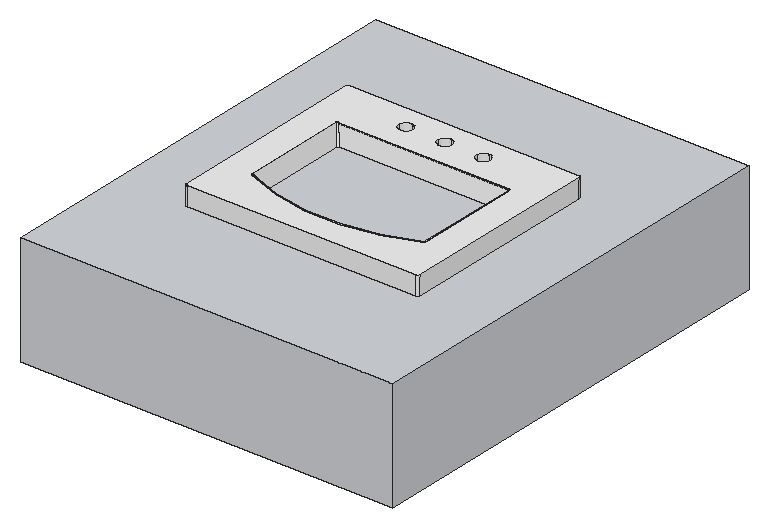
Revit family
Parameters (values of type "Vitreous_China-White-0")
  Width = 2' - 1 1/4"
  Waste Connection = yes
  WFU = 0
  URL = "http://www.us.kohler.com"
  Sanitary Radius = 1 1/4"
  Sanitary Diameter = Sanitary Radius * 2  # 2 1/2"
  Product Page URL = "http://www.us.kohler.com/onlinecatalog/detail.jsp?prod_num=2956-8"
  Product Documentation Link = "http://www.us.kohler.com/onlinecatalog/pdf/1139967_4.pdf"
  Model = "K-2956-8"  # constant formula
  Manufacturer = "Kohler"  # constant formula
  Length = 1' - 10"
  Height = 0' - 6 3/16"
  Finish = Vitreous_China-Kohler-0-White
  Faucet Drilling = "8inch Centers"  # constant formula
  Drilling Offset = 0' - 8 13/32"
  Description = "Persuade(R) Curv lavatory with 8inch centers"  # constant formula
  Default Elevation = 0' - 0"
  Sanitary Connector = "Sanitary Connection"  # constant formula
  Created By = "\"http://medialab3dstudio.com/\""
  Assembly Code = "D2010400"
  Actual Valve Water Flow = 0 GPM
  ADA Compliant = no
Types (7): name | Finish | Drilling Offset
  (no name) | Vitreous_China-Kohler-0-White | 0' - 8 13/32"
  Vitreous_China-White-0 | Vitreous_China-Kohler-0-White | 0' - 8 13/32"
  Vitreous_China-Ice_Grey-95 | Vitreous_China-Kohler-95-Ice_Grey | 0' - 8.41829"
  Vitreous_China-Honed_White-HW | Vitreous_China-Kohler-HW-Honed_White | 0' - 8.41829"
  Vitreous_Chinar-Black_Black-7 | Vitreous_China-Kohler-7-Black_Black | 0' - 8.41829"
  Vitreous_China-Biscuit-96 | Vitreous_China-Kohler-96-Biscuit | 0' - 8.41829"
  Vitreous_China-Almond-47 | Vitreous_China-Kohler-47-Almond | 0' - 8"
Reference planes (in)
  plane 1 "Center (Front/Back)": y = 0
  plane 2: z = 0
  plane 3 "Center (Left/Right)": x = 0
  plane 4 "Left": x = -12.625
  plane 5 "Right": x = 12.625
  plane 6 "Back": y = 11
  plane 7 "Front": y = -11
  plane 8 "Top": z = 2
  plane 9: x = 9.61066
  plane 10: x = -9.61538
  plane 11: y = -0.23817
  plane 12: y = 8.37256
  plane 13: x = -4.20312
  plane 14: x = 4.20313
  plane 15: x = -2.74178
  plane 16: x = 2.67651
  plane 17 "Bottom": z = -4.1875
  plane 18: x = -1.51638
  plane 19: y = 4.59908
  plane 20: x = 8.25376
  plane 21: y = 4.34908
  plane 22: x = 8.50376
  plane 23: y = -2.90763
  plane 24: x = 8.37451
  plane 25: y = -3.12653
  plane 26: x = -8.37443
  plane 27: x = -8.50368
  plane 28: x = -8.25368
  plane 29: x = -1.11994
Forms (in)
  Extrusion 1, solid
    sketch origin (0, 0, 0) x (1, 0, 0) y (0, 1, 0)
      loop
        line (-20, 24) -> (-20, -24.02181) -> (20.31285, -24.02181) -> (20.31285, 24) -> (-20, 24)
    from 0 to -12
  Extrusion 2, solid, material "Vitreous_China-Kohler-0-White" <- "Finish"
    sketch origin (0, 0, 0) x (1, 0, 0) y (0, 1, 0)
      loop
        arc (-12.35692, 11) -> (-12.54648, 10.92148) -> (-12.625, 10.73192) r 0.26808
        line (-12.625, 10.73192) -> (-12.625, -10.73047)
        arc (-12.625, -10.73047) -> (-12.54606, -10.92106) -> (-12.35547, -11) r 0.26953
        line (-12.35547, -11) -> (12.35547, -11)
        arc (12.35547, -11) -> (12.54606, -10.92106) -> (12.625, -10.73047) r 0.26953
        line (12.625, -10.73047) -> (12.625, 10.73047)
        arc (12.625, 10.73047) -> (12.54606, 10.92106) -> (12.35547, 11) r 0.26953
        line (12.35547, 11) -> (-12.35692, 11)
      loop
        line (9.23028, 5.47043) -> (-9.22962, 5.47043)
        arc (-9.22962, 5.47043) -> (-9.3351, 5.42674) -> (-9.37879, 5.32126) r 0.14917
        line (-9.37879, 5.32126) -> (-9.37879, -5.89905)
        arc (-9.37879, -5.89905) -> (-9.34513, -6.01585) -> (-9.25446, -6.09682) r 0.21946
        arc (-9.25446, -6.09682) -> (0.00016, -8.20684) -> (9.25478, -6.09681) r 21.35051
        arc (9.25478, -6.09681) -> (9.34516, -6.0161) -> (9.37872, -5.89968) r 0.21875
        line (9.37872, -5.89968) -> (9.37872, 5.32199)
        arc (9.37872, 5.32199) -> (9.33524, 5.42695) -> (9.23028, 5.47043) r 0.14844
    from 0 to 2
  Sweep 3, solid, material "Vitreous_China-Kohler-0-White" <- "Finish"
    path origin (0, 0, 0) x (1, 0, 0) y (0, 1, 0)
      loop
        line (-8.50368, 4.34908) -> (-8.50368, -2.90771)
        arc (-8.50368, -2.90771) -> (-8.46896, -3.03482) -> (-8.37443, -3.12662) r 0.25
        arc (-8.37443, -3.12662) -> (0.00005, -5.28308) -> (8.37451, -3.12653) r 17.33876
        arc (8.37451, -3.12653) -> (8.46903, -3.03473) -> (8.50376, -2.90763) r 0.25
        line (8.50376, -2.90763) -> (8.50376, 4.34908)
        arc (8.50376, 4.34908) -> (8.43053, 4.52586) -> (8.25376, 4.59908) r 0.25
        line (8.25376, 4.59908) -> (-8.25368, 4.59908)
        arc (-8.25368, 4.59908) -> (-8.43046, 4.52586) -> (-8.50368, 4.34908) r 0.25
    profile origin (-8.50368, 0.72069, 0) x (1, 0, 0) y (0, 0, 1)
      loop
        arc (0, -2.39423) -> (0.04417, -2.53613) -> (0.16108, -2.62788) r 0.25
        line (0.16108, -2.62788) -> (0.17219, -2.59868)
        arc (0.17219, -2.59868) -> (0.0699, -2.51839) -> (0.03125, -2.39423) r 0.21875
        line (0.03125, -2.39423) -> (0, -2.39423)
  Extrusion 4, solid, material "Vitreous_China-Kohler-0-White" <- "Finish"
    sketch origin (0, 0, 0) x (1, 0, 0) y (0, 1, 0)
      loop
        arc (-8.25368, 4.438) -> (-8.31656, 4.41196) -> (-8.3426, 4.34908) r 0.08892
        line (-8.3426, 4.34908) -> (-8.3426, -2.90771)
        arc (-8.3426, -2.90771) -> (-8.33025, -2.95292) -> (-8.29663, -2.98557) r 0.08892
        arc (-8.29663, -2.98557) -> (0.00005, -5.122) -> (8.29671, -2.98549) r 17.17769
        arc (8.29671, -2.98549) -> (8.33033, -2.95284) -> (8.34268, -2.90763) r 0.08892
        line (8.34268, -2.90763) -> (8.34268, 4.34908)
        arc (8.34268, 4.34908) -> (8.31664, 4.41196) -> (8.25376, 4.438) r 0.08892
        line (8.25376, 4.438) -> (-8.25368, 4.438)
    from -2.62788 to -2.59868
  Blend 5, solid, material "Vitreous_China-Kohler-0-White" <- "Finish"
    base sketch origin (0, 0, 0) x (1, 0, 0) y (0, 1, 0)
      loop
        line (8.25376, 4.59908) -> (-8.25368, 4.59908)
        arc (-8.25368, 4.59908) -> (-8.43046, 4.52586) -> (-8.50368, 4.34908) r 0.25
        line (-8.50368, 4.34908) -> (-8.50368, -2.90771)
        arc (-8.50368, -2.90771) -> (-8.46896, -3.03482) -> (-8.37443, -3.12662) r 0.25
        arc (-8.37443, -3.12662) -> (0.00005, -5.28308) -> (8.37451, -3.12653) r 17.33876
        arc (8.37451, -3.12653) -> (8.46903, -3.03473) -> (8.50376, -2.90763) r 0.25
        line (8.50376, -2.90763) -> (8.50376, 4.34908)
        arc (8.50376, 4.34908) -> (8.43053, 4.52586) -> (8.25376, 4.59908) r 0.25
    top sketch origin (0, 0, 0) x (1, 0, 0) y (0, 1, 0)
      loop
        arc (-9.22962, 5.47043) -> (-9.3351, 5.42674) -> (-9.37879, 5.32126) r 0.14917
        line (-9.37879, 5.32126) -> (-9.37879, -5.89905)
        arc (-9.37879, -5.89905) -> (-9.34513, -6.01585) -> (-9.25446, -6.09682) r 0.21946
        arc (-9.25446, -6.09682) -> (0.00016, -8.20684) -> (9.25478, -6.09681) r 21.35051
        arc (9.25478, -6.09681) -> (9.34516, -6.0161) -> (9.37872, -5.89968) r 0.21875
        line (9.37872, -5.89968) -> (9.37872, 5.32199)
        arc (9.37872, 5.32199) -> (9.33524, 5.42695) -> (9.23028, 5.47043) r 0.14844
        line (9.23028, 5.47043) -> (-9.22962, 5.47043)
    from -2.39423 to 2
  Blend 6, void
    base sketch origin (0, 0, 0) x (1, 0, 0) y (0, 1, 0)
      loop
        arc (-8.25368, 4.56783) -> (-8.40836, 4.50376) -> (-8.47243, 4.34908) r 0.21875
        line (-8.47243, 4.34908) -> (-8.47243, -2.90771)
        arc (-8.47243, -2.90771) -> (-8.44205, -3.01893) -> (-8.35933, -3.09925) r 0.21875
        arc (-8.35933, -3.09925) -> (0.00005, -5.25183) -> (8.35941, -3.09917) r 17.30751
        arc (8.35941, -3.09917) -> (8.44212, -3.01884) -> (8.47251, -2.90763) r 0.21875
        line (8.47251, -2.90763) -> (8.47251, 4.34908)
        arc (8.47251, 4.34908) -> (8.40844, 4.50376) -> (8.25376, 4.56783) r 0.21875
        line (8.25376, 4.56783) -> (-8.25368, 4.56783)
    top sketch origin (0, 0, 0) x (1, 0, 0) y (0, 1, 0)
      loop
        line (9.23028, 5.43918) -> (-9.22962, 5.43918)
        arc (-9.22962, 5.43918) -> (-9.313, 5.40464) -> (-9.34754, 5.32126) r 0.11792
        line (-9.34754, 5.32126) -> (-9.34754, -5.89905)
        arc (-9.34754, -5.89905) -> (-9.31867, -5.99922) -> (-9.24091, -6.06866) r 0.18821
        arc (-9.24091, -6.06866) -> (0.00016, -8.17559) -> (9.24124, -6.06865) r 21.31926
        arc (9.24124, -6.06865) -> (9.3187, -5.99947) -> (9.34747, -5.89968) r 0.1875
        line (9.34747, -5.89968) -> (9.34747, 5.32199)
        arc (9.34747, 5.32199) -> (9.31314, 5.40486) -> (9.23028, 5.43918) r 0.11719
    from -2.39423 to 2
  Sweep 7, solid, material "Vitreous_China-Kohler-0-White" <- "Finish"
    path origin (0, 0, 0) x (1, 0, 0) y (0, 1, 0)
      loop
        circle (0, -0.23817) r 1.44328
    profile origin (0, 1.20511, 0) x (0, -1, 0) y (0, 0, 1)
      loop
        line (0, -2.59868) -> (-0.0731, -2.59868) -> (-0.0731, -4.19038) -> (0.32333, -4.19038) -> (0.32333, -3.00393)
        arc (0.32333, -3.00393) -> (0.23, -2.96527) -> (0.19134, -2.87194) r 0.13199
        arc (0.19134, -2.87194) -> (0.12775, -2.71285) -> (0, -2.59868) r 0.37483
  Extrusion 8, void
    sketch origin (0, 0, 0) x (1, 0, 0) y (0, 1, 0)
      loop
        circle (0, -0.23817) r 1.51638
    from -2.62788 to -2.59868
  Extrusion 9, void
    sketch origin (0, 0, 0) x (1, 0, 0) y (0, 1, 0)
      loop
        arc (-4.95312, 8.37256) -> (-4.73346, 7.84223) -> (-4.20312, 7.62256) r 0.75
        arc (-4.20312, 7.62256) -> (-3.67279, 7.84223) -> (-3.45312, 8.37256) r 0.75
        arc (-3.45312, 8.37256) -> (-3.67279, 8.90289) -> (-4.20312, 9.12256) r 0.75
        arc (-4.20312, 9.12256) -> (-4.73346, 8.90289) -> (-4.95312, 8.37256) r 0.75
      loop
        arc (-0.75, 8.37256) -> (-0.53033, 7.84223) -> (0, 7.62256) r 0.75
        arc (0, 7.62256) -> (0.53033, 7.84223) -> (0.75, 8.37256) r 0.75
        arc (0.75, 8.37256) -> (0.53033, 8.90289) -> (0, 9.12256) r 0.75
        arc (0, 9.12256) -> (-0.53033, 8.90289) -> (-0.75, 8.37256) r 0.75
      loop
        arc (3.45313, 8.37256) -> (3.67279, 7.84223) -> (4.20313, 7.62256) r 0.75
        arc (4.20313, 7.62256) -> (4.73346, 7.84223) -> (4.95313, 8.37256) r 0.75
        arc (4.95313, 8.37256) -> (4.73346, 8.90289) -> (4.20313, 9.12256) r 0.75
        arc (4.20313, 9.12256) -> (3.67279, 8.90289) -> (3.45313, 8.37256) r 0.75
    from 0 to 2
  Extrusion 10, void
    sketch origin (0, 0, 0) x (1, 0, 0) y (0, 1, 0)
      loop
        circle (0, -0.23817) r 1.51638
    from -4.19038 to -2.59868
  Sweep 11, solid, material "Vitreous_China-Kohler-0-White" <- "Finish"
    path origin (0, 0, 0) x (0, 1, 0) y (0, 0, 1)
      loop
        line (-0.23817, -2.62788) -> (4.438, -2.62788)
        arc (4.438, -2.62788) -> (4.5548, -2.53605) -> (4.59908, -2.39423) r 0.2506
        line (4.59908, -2.39423) -> (5.23389, 0.86872)
    profile origin (0, 2.09992, -2.62788) x (0, 0, 1) y (1, 0, 0)
      loop
        arc (0, 1.40405) -> (-0.20629, 1.1276) -> (-0.48274, 0.92131) r 1.19916
        arc (-0.48274, 0.92131) -> (-0.81734, 0.51155) -> (-0.95217, 0) r 1.24825
        arc (-0.95217, 0) -> (-0.81734, -0.51155) -> (-0.48274, -0.92131) r 1.24825
        arc (-0.48274, -0.92131) -> (-0.20629, -1.1276) -> (0, -1.40405) r 1.19916
        line (0, -1.40405) -> (0, 1.40405)
Cuts and joins
  Blend 6 cuts Blend 5
  Extrusion 9 cuts Extrusion 2
  Extrusion 8 cuts Extrusion 4
  joined: Extrusion 4, Sweep 7
  Extrusion 10 cuts Sweep 11
Lines and regions (in)
  Masking region 1, detail levels coarse
    outline origin (0, 0, 0) x (1, 0, 0) y (0, 1, 0)
      loop
        line (-12.625, 11) -> (-12.625, -11) -> (12.625, -11) -> (12.625, 11) -> (-12.625, 11)
  Masking region 2, detail levels medium+fine
    outline origin (0, 0, 0) x (1, 0, 0) y (0, 1, 0)
      loop
        line (12.35547, 11) -> (-12.35692, 11)
        arc (-12.35692, 11) -> (-12.54648, 10.92148) -> (-12.625, 10.73192) r 0.26808
        line (-12.625, 10.73192) -> (-12.625, -10.73047)
        arc (-12.625, -10.73047) -> (-12.54606, -10.92106) -> (-12.35547, -11) r 0.26953
        line (-12.35547, -11) -> (12.35547, -11)
        arc (12.35547, -11) -> (12.54606, -10.92106) -> (12.625, -10.73047) r 0.26953
        line (12.625, -10.73047) -> (12.625, 10.73047)
        arc (12.625, 10.73047) -> (12.54606, 10.92106) -> (12.35547, 11) r 0.26953
      loop
        arc (-9.22962, 5.43918) -> (-9.313, 5.40464) -> (-9.34754, 5.32126) r 0.11792
        line (-9.34754, 5.32126) -> (-9.34754, -5.89905)
        arc (-9.34754, -5.89905) -> (-9.31867, -5.99922) -> (-9.24091, -6.06866) r 0.18821
        arc (-9.24091, -6.06866) -> (0.00016, -8.17559) -> (9.24124, -6.06865) r 21.31926
        arc (9.24124, -6.06865) -> (9.3187, -5.99947) -> (9.34747, -5.89968) r 0.1875
        line (9.34747, -5.89968) -> (9.34747, 5.32199)
        arc (9.34747, 5.32199) -> (9.31314, 5.40486) -> (9.23028, 5.43918) r 0.11719
        line (9.23028, 5.43918) -> (-9.22962, 5.43918)
      loop
        line (-8.50368, 4.34908) -> (-8.50368, -2.90771)
        arc (-8.50368, -2.90771) -> (-8.46896, -3.03482) -> (-8.37443, -3.12662) r 0.25
        arc (-8.37443, -3.12662) -> (0.00005, -5.28308) -> (8.37451, -3.12653) r 17.33876
        arc (8.37451, -3.12653) -> (8.46903, -3.03473) -> (8.50376, -2.90763) r 0.25
        line (8.50376, -2.90763) -> (8.50376, 4.34908)
        arc (8.50376, 4.34908) -> (8.43053, 4.52586) -> (8.25376, 4.59908) r 0.25
        line (8.25376, 4.59908) -> (-8.25368, 4.59908)
        arc (-8.25368, 4.59908) -> (-8.43046, 4.52586) -> (-8.50368, 4.34908) r 0.25
      loop
        circle (0, -0.23817) r 1.51638
  Masking region 3, detail levels coarse
    outline origin (0, 0, 0) x (1, 0, 0) y (0, 0, 1)
      loop
        line (-12.625, 2) -> (-12.625, -4.1875) -> (12.625, -4.1875) -> (12.625, 2) -> (-12.625, 2)
  Masking region 4, detail levels medium+fine
    outline origin (0, 0, 0) x (1, 0, 0) y (0, 0, 1)
      loop
        line (12.625, 2) -> (-12.625, 2) -> (-12.625, 0) -> (-8.98454, 0) -> (-8.50368, -2.39135)
        arc (-8.50368, -2.39135) -> (-8.45899, -2.53289) -> (-8.3426, -2.625) r 0.253
        line (-8.3426, -2.625) -> (-1.51638, -2.625) -> (-1.51638, -4.1875) -> (1.51638, -4.1875) -> (1.51638, -2.625) -> (8.34268, -2.625)
        arc (8.34268, -2.625) -> (8.46147, -2.53455) -> (8.50376, -2.39135) r 0.23991
        line (8.50376, -2.39135) -> (8.97866, 0) -> (12.625, 0) -> (12.625, 2)
  Masking region 5, detail levels coarse
    outline origin (0, 0, 0) x (0, 1, 0) y (0, 0, 1)
      loop
        line (11, 2) -> (-11, 2) -> (-11, -4.1875) -> (11, -4.1875) -> (11, 2)
  Masking region 6, detail levels medium+fine
    outline origin (0, 0, 0) x (0, 1, 0) y (0, 0, 1)
      loop
        line (11, 0) -> (11, 2) -> (-11, 2) -> (-11, 0) -> (-6.87566, 0) -> (-5.28308, -2.39135)
        arc (-5.28308, -2.39135) -> (-5.24007, -2.53481) -> (-5.122, -2.62694) r 0.24665
        line (-5.122, -2.62694) -> (-1.75455, -2.62694) -> (-1.75455, -4.19038) -> (1.27821, -4.19038) -> (1.27821, -3.58005) -> (4.54724, -3.58005)
        arc (4.54724, -3.58005) -> (5.22443, -3.21806) -> (5.5446, -2.52013) r 1.20277
        line (5.5446, -2.52013) -> (6.03446, 0) -> (11, 0)
  symbolic lines, style "Masking Lines", detail levels fine
    curve 1: arc (-4.95312, 8.37256, 0) -> (-4.20312, 9.12256, 0) -> (-3.45312, 8.37256, 0) r 0.75
    curve 2: arc (-3.45312, 8.37256, 0) -> (-4.20312, 7.62256, 0) -> (-4.95312, 8.37256, 0) r 0.75
    curve 3: arc (-0.75, 8.37256, 0) -> (0, 9.12256, 0) -> (0.75, 8.37256, 0) r 0.75
    curve 4: arc (0.75, 8.37256, 0) -> (0, 7.62256, 0) -> (-0.75, 8.37256, 0) r 0.75
    curve 5: arc (3.45313, 8.37256, 0) -> (4.20313, 9.12256, 0) -> (4.95313, 8.37256, 0) r 0.75
    curve 6: arc (4.95313, 8.37256, 0) -> (4.20313, 7.62256, 0) -> (3.45313, 8.37256, 0) r 0.75
    curve 7: arc (1.11994, -0.23817, 0) -> (0, 0.88177, 0) -> (-1.11994, -0.23817, 0) r 1.11994
    curve 8: arc (-1.11994, -0.23817, 0) -> (0, -1.35812, 0) -> (1.11994, -0.23817, 0) r 1.11994
    curve 9: line (-8.98454, 0, 0) -> (8.97866, 0, 0)
    curve 10: line (-1.51638, -11, -2.625) -> (1.51638, -11, -2.625)
    curve 11: arc (-1.40405, 11, -2.62788) -> (-1.1276, 11, -2.83417) -> (-0.92131, 11, -3.11062) r 1.19916
    curve 12: arc (-0.92131, 11, -3.11062) -> (-0.51155, 11, -3.44522) -> (0, 11, -3.58005) r 1.24825
    curve 13: arc (0, 11, -3.58005) -> (0.51155, 11, -3.44522) -> (0.92131, 11, -3.11062) r 1.24825
    curve 14: arc (0.92131, 11, -3.11062) -> (1.1276, 11, -2.83417) -> (1.40405, 11, -2.62788) r 1.19916
    curve 15: line (1.40405, 11, -2.39423) -> (1.40405, 11, 0)
    curve 16: line (1.40405, 11, -2.39423) -> (1.40405, 11, -2.62788)
    curve 17: line (-1.40405, 11, 0) -> (-1.40405, 11, -2.39423)
    curve 18: line (-1.40405, 11, -2.39423) -> (-1.40405, 11, -2.62788)
    curve 19: line (0, 6.03446, 0) -> (0, -6.87566, 0)
    curve 20: line (0, 5.06447, 0) -> (0, 4.59908, -2.39423)
    curve 21: arc (0, 4.438, -2.62788) -> (0, 4.5548, -2.53605) -> (0, 4.59908, -2.39423) r 0.2506
    curve 22: line (0, -1.75455, -2.62788) -> (0, 4.438, -2.62788)
  symbolic lines, style "Masking Lines", not visible, detail levels fine
    curve 23: arc (-4.95312, 8.37256, 0) -> (-4.20312, 9.12256, 0) -> (-3.45312, 8.37256, 0) r 0.75
    curve 24: arc (-3.45312, 8.37256, 0) -> (-4.20312, 7.62256, 0) -> (-4.95312, 8.37256, 0) r 0.75
    curve 25: arc (-0.75, 8.37256, 0) -> (0, 9.12256, 0) -> (0.75, 8.37256, 0) r 0.75
    curve 26: arc (0.75, 8.37256, 0) -> (0, 7.62256, 0) -> (-0.75, 8.37256, 0) r 0.75
    curve 27: arc (3.45313, 8.37256, 0) -> (4.20313, 9.12256, 0) -> (4.95313, 8.37256, 0) r 0.75
    curve 28: arc (4.95313, 8.37256, 0) -> (4.20313, 7.62256, 0) -> (3.45313, 8.37256, 0) r 0.75
    curve 29: arc (1.11994, -0.23817, 0) -> (0, 0.88177, 0) -> (-1.11994, -0.23817, 0) r 1.11994
    curve 30: arc (-1.11994, -0.23817, 0) -> (0, -1.35812, 0) -> (1.11994, -0.23817, 0) r 1.11994
Dimensions and locks (in)
  "Width": plane 4 "Left" to plane 5 "Right"
  "Length": plane 6 "Back" to plane 7 "Front"
  "Height": plane 8 "Top" to plane 17 "Bottom"
  plane 10 to plane 3 "Center (Left/Right)" to plane 9 = 0' - 9.61538" locked, 0' - 9.61066" locked
  equal spacing: plane 13, plane 3 "Center (Left/Right)", plane 14
  plane 15 to plane 3 "Center (Left/Right)" to plane 16 = 0' - 2.74178" locked, 0' - 2.67651" locked
  plane 12 to plane 1 "Center (Front/Back)" to plane 11 to plane 7 "Front" = 0' - 8.37256" locked, 0' - 0.23817" locked, 0' - 10.76183" locked
  "Drilling Offset": plane 13 to plane 14
  locked: plane 18 to plane 3 "Center (Left/Right)" at 1.51638
  plane 27 to plane 26 to plane 28 to plane 3 "Center (Left/Right)" to plane 20 to plane 24 to plane 22 = 0' - 0.12925" locked, 0' - 0.12075" locked, 0' - 8.25368" locked, 0' - 8.25376" locked, 0' - 0.12075" locked, 0' - 0.12925" locked
  plane 19 to plane 21 to plane 11 to plane 23 to plane 25 = 0' - 0 1/4" locked, 0' - 4.58725" locked, 0' - 2.66945" locked, 0' - 0.21891" locked
  locked: plane 29 to plane 3 "Center (Left/Right)" at 1.11994
  aligned and locked: plane 2 to Extrusion 1
  aligned and locked: level to Extrusion 1
  aligned and locked: Extrusion 2 sketch curve to plane 6 "Back"
  aligned and locked: plane 5 "Right" to Extrusion 2 sketch curve
  aligned and locked: plane 7 "Front" to Extrusion 2 sketch curve
  aligned and locked: plane 4 "Left" to Extrusion 2 sketch curve
  aligned and locked: plane 8 "Top" to Extrusion 2
  aligned and locked: Extrusion 4 sketch curve to Sweep 3  (x5)
  aligned: Extrusion 4 to Sweep 3
  aligned and locked: Blend 5 sketch curve to Sweep 3  (x4)
  aligned and locked: Blend 5 sketch curve to Extrusion 2  (x5)
  aligned: Extrusion 4 to cut or joined group of Blend 5, Blend 6
  aligned and locked: Extrusion 8 sketch curve to Sweep 7  (x2)
  aligned and locked: Extrusion 4 to Extrusion 8  (x2)
  aligned and locked: plane 8 "Top" to Extrusion 9
  aligned and locked: Extrusion 9 to plane 2
  aligned and locked: Masking region 1 sketch curve to plane 6 "Back"
  aligned and locked: plane 5 "Right" to Masking region 1 sketch curve
  aligned and locked: plane 7 "Front" to Masking region 1 sketch curve
  aligned and locked: plane 4 "Left" to Masking region 1 sketch curve
  aligned and locked: Masking region 2 sketch curve to cut or joined group of Extrusion 2, Extrusion 9  (x4)
  aligned and locked: Masking region 2 sketch curve to cut or joined group of Blend 5, Blend 6  (x5)
  aligned and locked: Masking region 2 sketch curve to Sweep 3  (x5)
  aligned and locked: Masking region 3 sketch curve to plane 8 "Top"
  aligned and locked: plane 5 "Right" to Masking region 3 sketch curve
  aligned and locked: plane 17 "Bottom" to Masking region 3 sketch curve
  aligned and locked: plane 4 "Left" to Masking region 3 sketch curve
  aligned and locked: Masking region 4 sketch curve to cut or joined group of Extrusion 2, Extrusion 9  (x2)
  aligned and locked: Masking region 4 sketch curve to plane 4 "Left"
  aligned and locked: cut or joined group of Extrusion 2, Extrusion 9 to Masking region 4 sketch curve
  aligned and locked: Masking region 4 sketch curve to plane 5 "Right"
  aligned and locked: Masking region 5 sketch curve to plane 8 "Top"
  aligned and locked: plane 7 "Front" to Masking region 5 sketch curve
  aligned and locked: plane 17 "Bottom" to Masking region 5 sketch curve
  aligned and locked: Masking region 5 sketch curve to plane 6 "Back"
  aligned and locked: plane 6 "Back" to Masking region 6 sketch curve
  aligned and locked: Extrusion 1 to Masking region 6 sketch curve
  aligned and locked: Masking region 6 sketch curve to cut or joined group of Extrusion 2, Extrusion 9
  aligned and locked: curve 19 to Masking region 6
  aligned and locked: plane 13 to Extrusion 9 sketch curve  (x2)
  aligned and locked: plane 12 to Extrusion 9 sketch curve  (x6)
  aligned and locked: plane 3 "Center (Left/Right)" to Extrusion 9 sketch curve  (x2)
  aligned and locked: plane 14 to Extrusion 9 sketch curve  (x2)
  aligned and locked: plane 11 to Masking region 2 sketch curve
  aligned and locked: plane 18 to Masking region 2 sketch curve
  aligned and locked: plane 19 to Sweep 3 sketch curve
  aligned and locked: plane 20 to Sweep 3 sketch curve
  aligned and locked: plane 22 to Sweep 3 sketch curve
  aligned and locked: plane 21 to Sweep 3 sketch curve  (x2)
  aligned and locked: plane 23 to Sweep 3 sketch curve
  aligned and locked: plane 25 to Sweep 3 sketch curve
  aligned and locked: plane 24 to Sweep 3 sketch curve
  aligned and locked: plane 26 to Sweep 3 sketch curve
  aligned and locked: plane 27 to Sweep 3 sketch curve  (x2)
  aligned and locked: plane 11 to Sweep 11
  aligned and locked: cut or joined group of Extrusion 10, Sweep 11 to plane 3 "Center (Left/Right)"
  aligned and locked: plane 11 to curve 8
  aligned and locked: plane 29 to curve 8
Automatic sketch dimensions
  Extrusion 1 sketch curve to Extrusion 1 sketch curve = 3' - 4.31285"
  Extrusion 1 sketch curve to Extrusion 1 sketch curve = 4' - 0.02181"
  plane 4 "Left" to Extrusion 2 sketch curve = 0' - 0.26808"
  plane 4 "Left" to Extrusion 2 sketch curve = 0' - 0 69/256"
  plane 4 "Left" to Extrusion 2 sketch curve = 0' - 3.24621"
  Extrusion 2 sketch curve to Extrusion 2 sketch curve = 0' - 0.12433"
  Extrusion 2 sketch curve to Extrusion 2 sketch curve = 0' - 0"  (x2)
  Extrusion 2 sketch curve to Extrusion 2 sketch curve = 0' - 0.14917"
  Extrusion 2 sketch curve to Extrusion 2 sketch curve = 0' - 0.21946"
  plane 3 "Center (Left/Right)" to Extrusion 2 sketch curve = 0' - 0.00015"
  plane 5 "Right" to Extrusion 2 sketch curve = 0' - 3.39472"
  Extrusion 2 sketch curve to Extrusion 2 sketch curve = 0' - 0.09482"
  plane 5 "Right" to Extrusion 2 sketch curve = 0' - 0 69/256"  (x2)
  plane 7 "Front" to Extrusion 2 sketch curve = 0' - 4.90318"
  Extrusion 2 sketch curve to plane 1 "Center (Front/Back)" = 0' - 5.32126"
  Extrusion 2 sketch curve to Extrusion 2 sketch curve = 0' - 0 19/128"
  Sweep 3 sketch curve to Sweep 3 sketch curve = 0' - 0"  (x3)
  Sweep 3 sketch curve to plane 3 "Center (Left/Right)" = 0' - 0.00004"
  Sweep 3 sketch curve to level = 0' - 2.39423"
  profile plane to Sweep 3 sketch curve = 0' - 0"
  Sweep 3 sketch curve to profile plane = 0' - 0 1/32"
  Sweep 3 sketch curve to profile plane = 0' - 0.16108"
  Sweep 3 sketch curve to Sweep 3 sketch curve = 0' - 0.01112"
  Sweep 3 sketch curve to Sweep 3 sketch curve = 0' - 0.07781"
  Blend 5 sketch curve to Blend 5 sketch curve = 0' - 0"  (x2)
  Blend 5 sketch curve to plane 3 "Center (Left/Right)" = 0' - 0.00004"
  Blend 6 sketch curve to plane 10 = 0' - 1.14295"
  Blend 6 sketch curve to Blend 6 sketch curve = 0' - 0.1131"
  Blend 6 sketch curve to Blend 6 sketch curve = 0' - 0"  (x3)
  Blend 6 sketch curve to Blend 6 sketch curve = 0' - 0.10565"
  Blend 6 sketch curve to Blend 6 sketch curve = 0' - 0 7/32"
  Blend 6 sketch curve to plane 3 "Center (Left/Right)" = 0' - 0.00004"
  plane 9 to Blend 6 sketch curve = 0' - 1.35691"  (x2)
  Blend 6 sketch curve to Blend 6 sketch curve = 0' - 0.10566"
  plane 1 "Center (Front/Back)" to Blend 6 sketch curve = 0' - 3.09925"
  Blend 6 sketch curve to plane 1 "Center (Front/Back)" = 0' - 4.34908"
  Blend 6 sketch curve to plane 10 = 0' - 0.26784"
  Blend 6 sketch curve to Blend 6 sketch curve = 0' - 0.10663"
  Blend 6 sketch curve to Blend 6 sketch curve = 0' - 0.11792"
  plane 9 to Blend 6 sketch curve = 0' - 0.38038"
  Blend 6 sketch curve to plane 1 "Center (Front/Back)" = 0' - 5.32126"
  Blend 6 sketch curve to Blend 6 sketch curve = 0' - 0 15/128"
  Blend 6 sketch curve to Blend 6 sketch curve = 0' - 0.08158"
  Blend 6 sketch curve to Blend 6 sketch curve = 0' - 0 3/16"
  Blend 6 sketch curve to Blend 6 sketch curve = 0' - 0.08127"
  plane 7 "Front" to Blend 6 sketch curve = 0' - 5.10095"
  plane 7 "Front" to Blend 6 sketch curve = 0' - 5.10032"
  Sweep 7 sketch curve to plane 3 "Center (Left/Right)" = 0' - 0"
  Sweep 7 sketch curve to plane 11 = 0' - 0"
  Sweep 7 sketch curve to profile plane = 0' - 0"
  profile plane to Sweep 7 sketch curve = 0' - 0.0731"
  profile plane to Sweep 7 sketch curve = 0' - 0.17929"
  Sweep 7 sketch curve to profile plane = 0' - 0.19134"
  Sweep 7 sketch curve to Sweep 7 sketch curve = 0' - 0.13199"
  Sweep 7 sketch curve to level = 0' - 4.19038"
  Sweep 7 sketch curve to Sweep 7 sketch curve = 0' - 1.18645"
  Sweep 7 sketch curve to Sweep 7 sketch curve = 0' - 0.0559"
  Sweep 11 sketch curve to plane 3 "Center (Left/Right)" = 0' - 0"
  Sweep 11 sketch curve to profile plane = 0' - 0"
  profile plane to Sweep 11 sketch curve = 0' - 0.48274"  (x2)
  profile plane to Sweep 11 sketch curve = 0' - 0.95217"
  profile plane to Sweep 11 sketch curve = 0' - 1.05422"  (x2)
  Sweep 11 sketch curve to plane 3 "Center (Left/Right)" = 0' - 0.05514"
  Sweep 11 sketch curve to profile plane = 0' - 0.29486"
  Sweep 11 sketch curve to Sweep 11 sketch curve = 0' - 0"
  Sweep 11 sketch curve to plane 3 "Center (Left/Right)" = 0' - 0.92131"
  Sweep 11 sketch curve to Sweep 11 sketch curve = 0' - 0.48274"  (x2)
  Sweep 11 sketch curve to plane 11 = 0' - 0"
  plane 17 "Bottom" to Sweep 11 sketch curve = 0' - 1.79368"
  Sweep 11 sketch curve to plane 12 = 0' - 4.02408"
  Sweep 11 sketch curve to Sweep 11 sketch curve = 0' - 0.08952"
  plane 17 "Bottom" to Sweep 11 sketch curve = 0' - 1.79327"
  Sweep 11 sketch curve to Sweep 11 sketch curve = 0' - 0.2506"
  level to Sweep 11 sketch curve = 0' - 0.86872"
  Sweep 11 sketch curve to plane 12 = 0' - 3.13866"
  Masking region 4 sketch curve to plane 17 "Bottom" = 0' - 0"
  Masking region 4 sketch curve to plane 10 = 0' - 0.63084"
  Masking region 4 sketch curve to plane 10 = 0' - 1.1117"
  Masking region 4 sketch curve to Masking region 4 sketch curve = 0' - 0.16108"
  Masking region 4 sketch curve to Masking region 4 sketch curve = 0' - 0.25299"
  Masking region 4 sketch curve to plane 15 = 0' - 1.2254"
  plane 16 to Masking region 4 sketch curve = 0' - 1.16012"
  plane 9 to Masking region 4 sketch curve = 0' - 1.34671"
  Masking region 4 sketch curve to Masking region 4 sketch curve = 0' - 0.07873"
  Masking region 4 sketch curve to Masking region 4 sketch curve = 0' - 0.2398"
  plane 9 to Masking region 4 sketch curve = 0' - 0.632"
  plane 17 "Bottom" to Masking region 4 sketch curve = 0' - 1 9/16"  (x2)
  Masking region 4 sketch curve to Masking region 4 sketch curve = 0' - 0.22662"
  Masking region 4 sketch curve to Masking region 4 sketch curve = 0' - 0.23365"
  plane 16 to curve 10 = 0' - 1.16012"
  curve 10 to plane 15 = 0' - 1.2254"
  plane 17 "Bottom" to curve 10 = 0' - 1 9/16"
  curve 9 to level = 0' - 0"
  curve 9 to plane 10 = 0' - 0.63084"
  plane 9 to curve 9 = 0' - 0.632"
  curve 15 to level = 0' - 0"
  curve 17 to level = 0' - 0"
  curve 11 to curve 17 = 0' - 0.23365"
  curve 16 to curve 16 = 0' - 0.23365"
  Masking region 6 sketch curve to level = 0' - 0"
  Masking region 6 sketch curve to plane 7 "Front" = 0' - 0"
  plane 7 "Front" to Masking region 6 sketch curve = 0' - 4.12434"
  plane 17 "Bottom" to Masking region 6 sketch curve = 0' - 1.79615"
  Masking region 6 sketch curve to Masking region 6 sketch curve = 0' - 1.59258"
  Masking region 6 sketch curve to Masking region 6 sketch curve = 0' - 0.16108"
  Masking region 6 sketch curve to Masking region 6 sketch curve = 0' - 0.08553"
  Masking region 6 sketch curve to plane 11 = 0' - 1.51638"
  curve 22 to plane 11 = 0' - 1.51638"
  plane 7 "Front" to curve 19 = 0' - 4.12434"
  curve 20 to curve 19 = 0' - 0.96999"
  Extrusion 9 sketch curve to Extrusion 9 sketch curve = 0' - 0 3/4"  (x2)
  Extrusion 9 sketch curve to plane 3 "Center (Left/Right)" = 0' - 0 3/4"
  plane 17 "Bottom" to curve 21 = 0' - 1.79368"
  curve 21 to plane 12 = 0' - 4.02408"
  curve 21 to curve 21 = 0' - 0.08952"
  curve 21 to curve 21 = 0' - 0.2506"
  curve 21 to curve 20 = 0' - 0.46539"
  curve 21 to curve 21 = 0' - 0.00041"
  curve 12 to plane 3 "Center (Left/Right)" = 0' - 0"
  plane 3 "Center (Left/Right)" to curve 12 = 0' - 0.05514"
  plane 3 "Center (Left/Right)" to curve 14 = 0' - 0.92131"
  curve 16 to curve 13 = 0' - 0.48274"
  plane 17 "Bottom" to curve 14 = 0' - 0.50539"
  plane 16 to curve 14 = 0' - 0.70097"
  curve 13 to plane 3 "Center (Left/Right)" = 0' - 0.05514"
  curve 11 to plane 3 "Center (Left/Right)" = 0' - 0.92131"
  curve 11 to curve 11 = 0' - 0.48274"
  plane 17 "Bottom" to curve 11 = 0' - 0.50539"
  curve 11 to plane 15 = 0' - 0.76625"
  plane 17 "Bottom" to curve 12 = 0' - 0.60745"
  curve 13 to curve 12 = 0' - 0.46943"
  curve 12 to curve 13 = 0' - 0.46943"
  plane 17 "Bottom" to Masking region 6 sketch curve = 0' - 0.60745"
  Masking region 6 sketch curve to plane 1 "Center (Front/Back)" = 0' - 1.27821"
  Masking region 6 sketch curve to Masking region 6 sketch curve = 0' - 3.07027"
  Masking region 6 sketch curve to Masking region 6 sketch curve = 0' - 0.19876"
  plane 17 "Bottom" to Masking region 6 sketch curve = 0' - 1.66737"
  Masking region 6 sketch curve to Masking region 6 sketch curve = 0' - 1.19612"
  Masking region 6 sketch curve to plane 12 = 0' - 2.33809"
  Masking region 6 sketch curve to plane 17 "Bottom" = 0' - 0.00288"
  Masking region 6 sketch curve to Masking region 6 sketch curve = 0' - 0.23559"
  Extrusion 10 sketch curve to Extrusion 10 sketch curve = 0' - 0"  (x2)
  Extrusion 10 sketch curve to plane 11 = 0' - 0"
  Extrusion 10 sketch curve to plane 3 "Center (Left/Right)" = 0' - 0"
  Extrusion 10 sketch curve to plane 15 = 0' - 1.2254"
  Masking region 2 sketch curve to plane 3 "Center (Left/Right)" = 0' - 0"
  radius of Sweep 7 sketch curve = 0' - 1.44328"
Connectors (in)
  piping at (0, -0.23817, -4.19038), driven by "Actual Valve Water Flow", driven by "Sanitary Radius", driven by "Sanitary Connector", driven by "WFU"
    settings: on cut or joined group of Extrusion 4, Sweep 7, Extrusion 8, index 1, connector radius 1 1/4", flow factor 0, pipe flow 0 GPM, pressure drop 0.00 psi, fitting loss kfactor 0, connector angle 0.00°, fixture units 0, flow configuration 3, flow direction 2, fitting loss method 0, system type 16, connector reference index -1, connector utility 0, adjustable connector no, is connector primary yes, fitting loss table "", connector description "Sanitary Connection"
